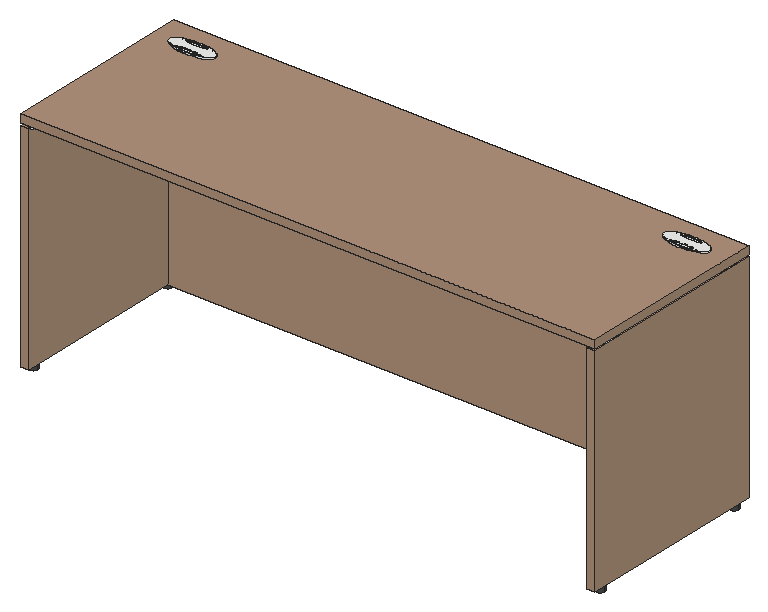
Revit family "Desks-Teknion-B_RF_Rectangular_Desk_Full_Gables-R2018", category Furniture, Revit 2018
Family settings
  OmniClass Number = 23.40.20.00
  OmniClass Title = General Furniture and Specialties
  Work Plane-Based = No
  Always vertical = Yes
  Cut with Voids When Loaded = No
  Shared = Yes
  Room Calculation Point = No
Parameters (values of type "1" Worksurface Thickness")
  Worksurface Thickness = if([1 3/16 WS Thickness], 1.189", if([1 9/16 WS Thickness], 1.555", 1.016"))  # 1.016"
  Worksurface Finish [instance] = Source Laminate - Teknion - 3M - Provincial Oak (Cross Grain)
  Width [instance] = 72.000"
  Warranty = "http://www.teknion.com/ca/papers/legal-canada"
  Wall Access Modesty Panel Style [instance] = no
  Unit Weight URL = "http://www.teknion.com/ca/tools/assets#&asset=bee6a381-b954-425e-8283-5a2de3a804f2,f828d448-4b62-4231-9e5f-9a8991c0ed77"
  URL = "www.teknion.com"
  Two Grommets [instance] = not(Center Grommet)  # yes
  To render please download texture images found here [instance] = "https://assets.teknion.com/web/5e81352c1dfdb467/revit-material-swatches/"
  Sustainability Data = "https://www.teknion.com/ca/tools/assets#&topic=216f99a5-57a0-44fc-b10a-9dee9b29ae4c&asset=444deb64-fe58-4b68-981e-f75e97781df7,b4ff2d81-9f2e-437d-9659-7cffb09c31cf"
  Series = "Expansion Casegoods"  # constant formula
  Product Page URL = "https://www.teknion.com/ca/products/product-details?productLineId=0053336e-8e7a-673b-a6c8-ff00004460c4"
  Product Line = "Expansion Casegoods"  # constant formula
  Product Documentation Link = "https://www.teknion.com/pricing/expansion-casegoods/pdfs/B_RF_ppg.pdf"
  Part Number = "B_RF"  # constant formula
  Modesty Panel Style [instance] = "Please choose one of the following options below."  # constant formula
  Modesty Height Offset [instance] = if(or([Flush, Full Modesty Panel Style], [Flush, Full Modesty Panel Style - No Grommet]), 0.602", if(Wall Access Modesty Panel Style, 20.409", 13.283"))  # 0.602"
  Model = "BDRF_____"
  Manufacturer Phone = "416-661-3370"  # constant formula
  Manufacturer Fax = "416.661.4586"  # constant formula
  Manufacturer Contact Information = "http://www.teknion.com/ca/contactus"
  Manufacturer Address = "1150 Flint Road, Toronto, ON. M3J 2J5. Canada"  # constant formula
  Manufacturer = "Teknion"  # constant formula
  How To Use Teknion Materials User Guide [instance] = "https://assets.teknion.com/m/205dd0a49fa58060/original/How-to-add-a-Material-Library-and-Texture-Images-to-your-Revit-project.pdf"
  Hardware Finish [instance] = Paint - Teknion - Mica - Very White
  Gable and Modesty Panel Finish [instance] = Source Laminate - Teknion - 3M - Provincial Oak
  For Additional Finishes please visit [instance] = "https://assets.teknion.com/m/44a8009b046e5d47/original/Teknion_Materials_Library.zip"
  Flush, Half Modesty Panel Style [instance] = no
  Flush, Full Modesty Panel Style - No Grommet [instance] = no
  Flush, Full Modesty Panel Style [instance] = not(or(Wall Access Modesty Panel Style, [Flush, Full Modesty Panel Style - No Grommet], [Flush, Half Modesty Panel Style]))  # yes
  Description = "Rectangular Desk - Full Gables, Flush, 1\" Worksurface Thickness"
  Depth [instance] = 24.000"
  Center Grommet [instance] = Width < 43.000"  # no
  Available Widths [instance] = if(not(or([1 3/16 WS Thickness], [1 9/16 WS Thickness])), "18, 24, 30, 36, 42, 48, 54, 60, 66, or 72 inches.", "18, 24, 30, 36, 42, 48, 54, 60, 66, 72, 78, or 84 inches.")  # "18, 24, 30, 36, 42, 48, 54, 60, 66, or 72 inches."
  Available Depths [instance] = if(or(Worksurface Thickness = 1.555", Worksurface Thickness = 1.189"), "20, 24, 30, or 36 inches.", "20, 24, or 30 inches.")  # "20, 24, or 30 inches."
  Assembly Code = "E2020200"
  Actual Width [instance] = if(Width = 18.000", 17.909", if(Width = 24.000", 23.882", if(Width = 30.000", 29.850", if(Width = 36.000", 35.819", if(Width = 42.000", 41.791", if(Width = 48.000", 47.760", if(Width = 54.000", 53.728", if(Width = 60.000", 59.701", if(Width = 66.000", 65.669", if(Width = 72.000", 71.642", if(Width = 78.000", 77.610", 83.579")))))))))))  # 71.642"
  Actual Depth [instance] = if(Depth = 20.000", 19.920", if(Depth = 24.000", 23.882", if(Depth = 30.000", 29.850", 35.819")))  # 23.882"
  1 9/16 WS Thickness = no
  1 3/16 WS Thickness = no
Types (4): name | Worksurface Thickness | Model | Description | Available Widths | Available Depths | 1 9/16 WS Thickness | 1 3/16 WS Thickness
  (no name) | 1.016" | "BDRF_____" | "Rectangular Desk - Full Gables, Flush, 1\" Worksurface Thickness" | "18, 24, 30, 36, 42, 48, 54, 60, 66, or 72 inches." | "20, 24, or 30 inches." | no | no
  1" Worksurface Thickness | 1.016" | "BDRF_____" | "Rectangular Desk - Full Gables, Flush, 1\" Worksurface Thickness" | "18, 24, 30, 36, 42, 48, 54, 60, 66, or 72 inches." | "20, 24, or 30 inches." | no | no
  1 3/16" Worksurface Thickness | 1.189" | "BMRF_____" | "Rectangular Desk - Full Gables, Flush, 1 3/16\" Worksurface Thickness" | "18, 24, 30, 36, 42, 48, 54, 60, 66, 72, 78, or 84 inches." | "20, 24, 30, or 36 inches." | no | yes
  1 9/16" Worksurface Thickness | 1.555" | "BXRF_____" | "Rectangular Desk - Full Gables, Flush, 1 9/16\" Worksurface Thickness" | "18, 24, 30, 36, 42, 48, 54, 60, 66, 72, 78, or 84 inches." | "20, 24, 30, or 36 inches." | yes | no
Reference planes (in)
  plane 1 "Center Front/Back": y = -1.65291
  plane 2: z = 0
  plane 3 "Center Left/Right": x = -0.31049
  plane 4 "Left": x = -36.13149
  plane 5 "Right": x = 35.51051
  plane 6 "Back": y = 10.28809
  plane 7 "Front": y = -13.59391
  plane 8 "Top": z = 28.82309
  plane 9: z = 27.80709
Forms (in)
  Sweep 1, solid, material "Source Laminate - Teknion - 3M - Provincial Oak" <- "Gable and Modesty Panel Finish"
    path origin (0, 0, 0) x (1, 0, 0) y (0, 1, 0)
      loop
        line (-35.11575, -1.65291) -> (-36.13149, -1.65291)
    profile origin (-35.62362, -1.65291, 0) x (0, -1, 0) y (0, 0, 1)
      loop
        line (11.941, 0.60236) -> (11.941, 27.53543) -> (-11.941, 27.53543) -> (-11.941, 0.60236) -> (11.941, 0.60236)
  Sweep 2, solid, material "Source Laminate - Teknion - 3M - Provincial Oak" <- "Gable and Modesty Panel Finish"
    path origin (16.8937, 0, 0) x (1, 0, 0) y (0, 1, 0)
      loop
        line (18.61681, -1.65291) -> (17.60106, -1.65291)
    profile origin (35.00263, -1.65291, 0) x (0, -1, 0) y (0, 0, 1)
      loop
        line (11.941, 0.60236) -> (11.941, 27.53568) -> (-11.941, 27.53568) -> (-11.941, 0.60236) -> (11.941, 0.60236)
  Sweep 3, solid, material "Source Laminate - Teknion - 3M - Provincial Oak" <- "Gable and Modesty Panel Finish"
    path origin (0, 0, 0) x (1, 0, 0) y (0, 1, 0)
      loop
        line (-0.31049, 9.18573) -> (-0.31049, 8.16998)
    profile origin (-0.31049, 8.67785, 0) x (1, 0, 0) y (0, 0, 1)
      loop
        line (-34.80525, 27.53568) -> (-34.80525, 0.602) -> (34.80525, 0.602) -> (34.80525, 27.53568) -> (-34.80525, 27.53568)
  Sweep 4, solid, material "Source Laminate - Teknion - 3M - Provincial Oak (Cross Grain)" <- "Worksurface Finish"
    path origin (0, -1.65291, 0) x (1, 0, 0) y (0, 0, 1)
      loop
        line (-0.31049, 27.80709) -> (-0.31049, 28.82309)
    profile origin (-0.31049, -1.65291, 28.31509) x (-1, 0, 0) y (0, -1, 0)
      loop
        line (35.821, -11.941) -> (35.821, 11.941) -> (-35.821, 11.941) -> (-35.821, -11.941) -> (35.821, -11.941)
  Sweep 5, solid, material "Paint - Teknion - Mica - Very White" <- "Hardware Finish"
    path origin (0, -1.65291, 0) x (1, 0, 0) y (0, 0, 1)
      loop
        line (-35.09233, 27.53568) -> (-35.09233, 27.80709)
    profile origin (-35.09233, -1.65291, 27.67138) x (-1, 0, 0) y (0, -1, 0)
      loop
        spline (0.02342, -6.53808) -> (-0.20815, -6.62741) -> (-0.42393, -6.88932) -> (-0.60922, -7.30595) -> (-0.75141, -7.84892) -> (-0.84079, -8.48121) -> (-0.87127, -9.15975) -> (-0.84079, -9.83829) -> (-0.75141, -10.47058) -> (-0.60922, -11.01355) -> (-0.42393, -11.43018) -> (-0.20815, -11.69209) -> (0.02342, -11.78142)
        spline (0.02342, -11.78142) -> (0.25498, -11.69209) -> (0.47076, -11.43018) -> (0.65606, -11.01355) -> (0.79825, -10.47058) -> (0.88763, -9.83829) -> (0.91811, -9.15975) -> (0.88763, -8.48121) -> (0.79825, -7.84892) -> (0.65606, -7.30595) -> (0.47076, -6.88932) -> (0.25498, -6.62741) -> (0.02342, -6.53808)
      loop
        spline (-69.58709, -6.53808) -> (-69.81865, -6.62741) -> (-70.03443, -6.88932) -> (-70.21973, -7.30595) -> (-70.36191, -7.84892) -> (-70.45129, -8.48121) -> (-70.48178, -9.15975) -> (-70.45129, -9.83829) -> (-70.36191, -10.47058) -> (-70.21973, -11.01355) -> (-70.03443, -11.43018) -> (-69.81865, -11.69209) -> (-69.58709, -11.78142)
        spline (-69.58709, -11.78142) -> (-69.35552, -11.69209) -> (-69.13974, -11.43018) -> (-68.95444, -11.01355) -> (-68.81226, -10.47058) -> (-68.72288, -9.83829) -> (-68.69239, -9.15975) -> (-68.72288, -8.48121) -> (-68.81226, -7.84892) -> (-68.95444, -7.30595) -> (-69.13974, -6.88932) -> (-69.35552, -6.62741) -> (-69.58709, -6.53808)
      loop
        spline (0.02342, 6.53808) -> (0.25498, 6.62741) -> (0.47076, 6.88932) -> (0.65606, 7.30595) -> (0.79825, 7.84892) -> (0.88763, 8.48121) -> (0.91811, 9.15975) -> (0.88763, 9.83829) -> (0.79825, 10.47058) -> (0.65606, 11.01355) -> (0.47076, 11.43018) -> (0.25498, 11.69209) -> (0.02342, 11.78142)
        spline (0.02342, 11.78142) -> (-0.20815, 11.69209) -> (-0.42393, 11.43018) -> (-0.60922, 11.01355) -> (-0.75141, 10.47058) -> (-0.84079, 9.83829) -> (-0.87127, 9.15975) -> (-0.84079, 8.48121) -> (-0.75141, 7.84892) -> (-0.60922, 7.30595) -> (-0.42393, 6.88932) -> (-0.20815, 6.62741) -> (0.02342, 6.53808)
      loop
        spline (-69.58709, 6.53808) -> (-69.35552, 6.62741) -> (-69.13974, 6.88932) -> (-68.95444, 7.30595) -> (-68.81226, 7.84892) -> (-68.72288, 8.48121) -> (-68.69239, 9.15975) -> (-68.72288, 9.83829) -> (-68.81226, 10.47058) -> (-68.95444, 11.01355) -> (-69.13974, 11.43018) -> (-69.35552, 11.69209) -> (-69.58709, 11.78142)
        spline (-69.58709, 11.78142) -> (-69.81865, 11.69209) -> (-70.03443, 11.43018) -> (-70.21973, 11.01355) -> (-70.36191, 10.47058) -> (-70.45129, 9.83829) -> (-70.48178, 9.15975) -> (-70.45129, 8.48121) -> (-70.36191, 7.84892) -> (-70.21973, 7.30595) -> (-70.03443, 6.88932) -> (-69.81865, 6.62741) -> (-69.58709, 6.53808)
  Sweep 6, solid, material "Paint - Teknion - Mica - Very White" <- "Hardware Finish", visible <- "Flush, Full Modesty Panel Style"
    path origin (0, 0, 0) x (1, 0, 0) y (0, 1, 0)
      loop
        line (-0.31049, 9.18573) -> (-0.31049, 9.31073)
    profile origin (-0.31049, 9.24823, 0) x (-1, 0, 0) y (0, 0, 1)
      loop
        spline (-2.86635, 24.04726) -> (-2.76868, 23.74026) -> (-2.48233, 23.45418) -> (-2.02682, 23.20852) -> (-1.43318, 23.02001) -> (-0.74187, 22.90151) -> (0, 22.8611) -> (0.74187, 22.90151) -> (1.43318, 23.02001) -> (2.02682, 23.20852) -> (2.48233, 23.45418) -> (2.76868, 23.74026) -> (2.86635, 24.04726)
        spline (2.86635, 24.04726) -> (2.76868, 24.35427) -> (2.48233, 24.64035) -> (2.02682, 24.88601) -> (1.43318, 25.07451) -> (0.74187, 25.19301) -> (0, 25.23343) -> (-0.74187, 25.19301) -> (-1.43318, 25.07451) -> (-2.02682, 24.88601) -> (-2.48233, 24.64035) -> (-2.76868, 24.35427) -> (-2.86635, 24.04726)
  Sweep 7, solid, material "Paint - Teknion - Mica - Very White" <- "Hardware Finish", visible <- "Center Grommet"
    path origin (0, -1.65291, 0) x (1, 0, 0) y (0, 0, 1)
      loop
        line (-0.31049, 28.82309) -> (-0.31049, 28.94809)
    profile origin (-0.31049, -1.65291, 28.88559) x (-1, 0, 0) y (0, -1, 0)
      loop
        spline (-2.86635, -8.63653) -> (-2.76868, -8.93954) -> (-2.48233, -9.2219) -> (-2.02682, -9.46437) -> (-1.43318, -9.65042) -> (-0.74187, -9.76737) -> (0, -9.80726) -> (0.74187, -9.76737) -> (1.43318, -9.65042) -> (2.02682, -9.46437) -> (2.48233, -9.2219) -> (2.76868, -8.93954) -> (2.86635, -8.63653)
        spline (2.86635, -8.63653) -> (2.76868, -8.33352) -> (2.48233, -8.05117) -> (2.02682, -7.8087) -> (1.43318, -7.62265) -> (0.74187, -7.50569) -> (0, -7.4658) -> (-0.74187, -7.50569) -> (-1.43318, -7.62265) -> (-2.02682, -7.8087) -> (-2.48233, -8.05117) -> (-2.76868, -8.33352) -> (-2.86635, -8.63653)
  Sweep 8, void
    path origin (0, -1.65291, 0) x (1, 0, 0) y (0, 0, 1)
      loop
        line (-0.31049, 28.94809) -> (-0.31049, 28.84272)
    profile origin (-0.31049, -1.65291, 28.8954) x (0, -1, 0) y (1, 0, 0)
      loop
        arc (-9.41917, -1.89428) -> (-9.0472, 0) -> (-9.41917, 1.89428) r 5.00939
        arc (-9.41917, 1.89428) -> (-9.69168, 0) -> (-9.41917, -1.89428) r 6.71996
      loop
        arc (-7.83196, -1.89428) -> (-7.55944, 0) -> (-7.83196, 1.89428) r 6.71996
        arc (-7.83196, 1.89428) -> (-8.20393, 0) -> (-7.83196, -1.89428) r 5.00939
  Sweep 9, solid, material "Plastic - Teknion - E - Ebony"
    path origin (0, -1.65291, 0) x (1, 0, 0) y (0, 0, 1)
      loop
        line (-0.31049, 0) -> (-0.31049, 0.60236)
    profile origin (-0.31049, -1.65291, 0.30118) x (-1, 0, 0) y (0, -1, 0)
      loop
        circle (-35.31102, -10.41839) r 0.5
      loop
        circle (-35.31102, 10.41839) r 0.5
      loop
        circle (35.31102, -10.41839) r 0.5
      loop
        circle (35.31102, 10.41839) r 0.5
  Sweep 10, void
    path origin (0, 0, 0) x (1, 0, 0) y (0, 1, 0)
      loop
        line (-0.31049, 9.31073) -> (-0.31049, 9.2132)
    profile origin (-0.31049, 9.26196, 0) x (1, 0, 0) y (0, 0, 1)
      loop
        arc (-1.89428, 24.8485) -> (0, 24.47595) -> (1.89428, 24.8485) r 5.00226
        arc (1.89428, 24.8485) -> (0, 25.12134) -> (-1.89428, 24.8485) r 6.7122
      loop
        arc (-1.89428, 23.26224) -> (0, 22.98099) -> (1.89428, 23.26224) r 6.51974
        arc (1.89428, 23.26224) -> (0, 23.63325) -> (-1.89428, 23.26224) r 5.02135
  Sweep 11, solid, material "Paint - Teknion - Mica - Very White" <- "Hardware Finish", visible <- "Two Grommets"
    path origin (-18.88, -1.65291, 0) x (1, 0, 0) y (0, 0, 1)
      loop
        line (-12.25149, 28.82309) -> (-12.25149, 28.94809)
    profile origin (-31.13149, -1.65291, 28.88559) x (-1, 0, 0) y (0, -1, 0)
      loop
        spline (-2.86635, -8.63653) -> (-2.76868, -8.93954) -> (-2.48233, -9.2219) -> (-2.02682, -9.46437) -> (-1.43318, -9.65042) -> (-0.74187, -9.76737) -> (0, -9.80726) -> (0.74187, -9.76737) -> (1.43318, -9.65042) -> (2.02682, -9.46437) -> (2.48233, -9.2219) -> (2.76868, -8.93954) -> (2.86635, -8.63653)
        spline (2.86635, -8.63653) -> (2.76868, -8.33352) -> (2.48233, -8.05117) -> (2.02682, -7.8087) -> (1.43318, -7.62265) -> (0.74187, -7.50569) -> (0, -7.4658) -> (-0.74187, -7.50569) -> (-1.43318, -7.62265) -> (-2.02682, -7.8087) -> (-2.48233, -8.05117) -> (-2.76868, -8.33352) -> (-2.86635, -8.63653)
  Sweep 12, solid, material "Paint - Teknion - Mica - Very White" <- "Hardware Finish", visible <- "Two Grommets"
    path origin (18.87984, -1.65291, 0) x (1, 0, 0) y (0, 0, 1)
      loop
        line (11.63051, 28.82309) -> (11.63051, 28.94809)
    profile origin (30.51035, -1.65291, 28.88559) x (-1, 0, 0) y (0, -1, 0)
      loop
        spline (-2.86635, -8.63653) -> (-2.76868, -8.93954) -> (-2.48233, -9.2219) -> (-2.02682, -9.46437) -> (-1.43318, -9.65042) -> (-0.74187, -9.76737) -> (0, -9.80726) -> (0.74187, -9.76737) -> (1.43318, -9.65042) -> (2.02682, -9.46437) -> (2.48233, -9.2219) -> (2.76868, -8.93954) -> (2.86635, -8.63653)
        spline (2.86635, -8.63653) -> (2.76868, -8.33352) -> (2.48233, -8.05117) -> (2.02682, -7.8087) -> (1.43318, -7.62265) -> (0.74187, -7.50569) -> (0, -7.4658) -> (-0.74187, -7.50569) -> (-1.43318, -7.62265) -> (-2.02682, -7.8087) -> (-2.48233, -8.05117) -> (-2.76868, -8.33352) -> (-2.86635, -8.63653)
  Sweep 13, void
    path origin (0, -1.65291, 0) x (1, 0, 0) y (0, 0, 1)
      loop
        line (-31.13149, 28.94809) -> (-31.13149, 28.84272)
    profile origin (-31.13149, -1.65291, 28.8954) x (0, -1, 0) y (1, 0, 0)
      loop
        arc (-9.41917, -1.89428) -> (-9.04182, 0) -> (-9.41917, 1.89428) r 4.9433
        arc (-9.41917, 1.89428) -> (-9.69168, 0) -> (-9.41917, -1.89428) r 6.71996
      loop
        arc (-7.83291, -1.89428) -> (-7.56007, 0) -> (-7.83291, 1.89428) r 6.71219
        arc (-7.83291, 1.89428) -> (-8.20935, 0) -> (-7.83291, -1.89428) r 4.95433
  Sweep 14, void
    path origin (0, -1.65291, 0) x (1, 0, 0) y (0, 0, 1)
      loop
        line (30.51035, 28.94809) -> (30.51035, 28.84272)
    profile origin (30.51035, -1.65291, 28.8954) x (0, -1, 0) y (1, 0, 0)
      loop
        arc (-9.41917, -1.89428) -> (-9.04815, 0) -> (-9.41917, 1.89428) r 5.02134
        arc (-9.41917, 1.89428) -> (-9.69397, 0) -> (-9.41917, -1.89428) r 6.66629
      loop
        arc (-7.83291, -1.89428) -> (-7.55751, 0) -> (-7.83291, 1.89428) r 6.65231
        arc (-7.83291, 1.89428) -> (-8.20393, 0) -> (-7.83291, -1.89428) r 5.02134
  Sweep 15, solid, material "Paint - Teknion - Mica - Very White" <- "Hardware Finish", visible <- "Wall Access Modesty Panel Style"
    path origin (0, -1.65291, 0) x (1, 0, 0) y (0, 0, 1)
      loop
        line (-35.11575, 13.50787) -> (-35.11575, 27.53543)
    profile origin (-35.11575, -1.65291, 20.52165) x (-1, 0, 0) y (0, -1, 0)
      loop
        line (-0.05906, -8.70084) -> (-0.05906, -9.76383) -> (-1.29921, -9.76383) -> (-1.29921, -9.82289) -> (0, -9.82289) -> (0, -8.70084) -> (-0.05906, -8.70084)
      loop
        line (-69.55118, -8.52368) -> (-69.61024, -8.52368) -> (-69.61024, -9.82289) -> (-68.48819, -9.82289) -> (-68.48819, -9.76383) -> (-69.55118, -9.76383) -> (-69.55118, -8.52368)
  Sweep 16, void
    path origin (0, 0, 0) x (1, 0, 0) y (0, 1, 0)
      loop
        line (-0.31049, 9.18573) -> (-0.31049, 4.18573)
    profile origin (-0.31049, 6.68573, 0) x (1, 0, 0) y (0, 0, 1)
      loop
        line (-33.50604, 14.80709) -> (-34.80525, 13.50787) -> (-33.50604, 13.50787) -> (-33.50604, 14.80709)
      loop
        line (33.68293, 14.63017) -> (33.68293, 13.50813) -> (34.80498, 13.50813) -> (33.68293, 14.63017)
Cuts and joins
  Sweep 8 cuts Sweep 7
  Sweep 13 cuts Sweep 11
  Sweep 14 cuts Sweep 12
  Sweep 10 cuts Sweep 6
  Sweep 16 cuts Sweep 15
Lines and regions (in)
  Masking region 1
    outline origin (0, 0, 0) x (1, 0, 0) y (0, 1, 0)
      loop
        line (-36.13149, 10.28809) -> (-36.13149, -13.59391) -> (35.51051, -13.59391) -> (35.51051, 10.28809) -> (-36.13149, 10.28809)
  symbolic lines, style "FurnitureHiddenLines", detail levels medium+fine
    curve 1: line (-35.11575, 10.28809, 0) -> (-35.11575, -13.59391, 0)
    curve 2: line (-35.11575, 8.16998, 0) -> (34.49476, 8.16998, 0)
    curve 3: line (-35.11575, 9.18573, 0) -> (34.49476, 9.18573, 0)
    curve 4: line (34.49476, 10.28809, 0) -> (34.49476, -13.59391, 0)
    curve 5: spline (-35.11575, 4.88517, 0) -> (-35.34731, 4.9745, 0) -> (-35.56309, 5.23641, 0) -> (-35.74839, 5.65304, 0) -> (-35.89057, 6.196, 0) -> (-35.97995, 6.8283, 0) -> (-36.01044, 7.50684, 0) -> (-35.97995, 8.18538, 0) -> (-35.89057, 8.81767, 0) -> (-35.74839, 9.36064, 0) -> (-35.56309, 9.77727, 0) -> (-35.34731, 10.03918, 0) -> (-35.11575, 10.12851, 0)
    curve 6: spline (-35.11575, 10.12851, 0) -> (-34.88418, 10.03918, 0) -> (-34.6684, 9.77727, 0) -> (-34.4831, 9.36064, 0) -> (-34.34092, 8.81767, 0) -> (-34.25154, 8.18538, 0) -> (-34.22105, 7.50684, 0) -> (-34.25154, 6.8283, 0) -> (-34.34092, 6.196, 0) -> (-34.4831, 5.65304, 0) -> (-34.6684, 5.23641, 0) -> (-34.88418, 4.9745, 0) -> (-35.11575, 4.88517, 0)
    curve 7: spline (34.49476, 10.12851, 0) -> (34.72632, 10.03918, 0) -> (34.9421, 9.77727, 0) -> (35.1274, 9.36064, 0) -> (35.26958, 8.81767, 0) -> (35.35896, 8.18538, 0) -> (35.38945, 7.50684, 0) -> (35.35896, 6.8283, 0) -> (35.26958, 6.196, 0) -> (35.1274, 5.65304, 0) -> (34.9421, 5.23641, 0) -> (34.72632, 4.9745, 0) -> (34.49476, 4.88517, 0)
    curve 8: spline (34.49476, 4.88517, 0) -> (34.26319, 4.9745, 0) -> (34.04741, 5.23641, 0) -> (33.86211, 5.65304, 0) -> (33.71993, 6.196, 0) -> (33.63055, 6.8283, 0) -> (33.60006, 7.50684, 0) -> (33.63055, 8.18538, 0) -> (33.71993, 8.81767, 0) -> (33.86211, 9.36064, 0) -> (34.04741, 9.77727, 0) -> (34.26319, 10.03918, 0) -> (34.49476, 10.12851, 0)
    curve 9: spline (34.49476, -13.43433, 0) -> (34.26319, -13.345, 0) -> (34.04741, -13.08309, 0) -> (33.86211, -12.66646, 0) -> (33.71993, -12.1235, 0) -> (33.63055, -11.4912, 0) -> (33.60006, -10.81266, 0) -> (33.63055, -10.13412, 0) -> (33.71993, -9.50183, 0) -> (33.86211, -8.95886, 0) -> (34.04741, -8.54223, 0) -> (34.26319, -8.28032, 0) -> (34.49476, -8.19099, 0)
    curve 10: spline (34.49476, -8.19099, 0) -> (34.72632, -8.28032, 0) -> (34.9421, -8.54223, 0) -> (35.1274, -8.95886, 0) -> (35.26958, -9.50183, 0) -> (35.35896, -10.13412, 0) -> (35.38945, -10.81266, 0) -> (35.35896, -11.4912, 0) -> (35.26958, -12.1235, 0) -> (35.1274, -12.66646, 0) -> (34.9421, -13.08309, 0) -> (34.72632, -13.345, 0) -> (34.49476, -13.43433, 0)
    curve 11: spline (-35.11575, -8.19099, 0) -> (-34.88418, -8.28032, 0) -> (-34.6684, -8.54223, 0) -> (-34.4831, -8.95886, 0) -> (-34.34092, -9.50183, 0) -> (-34.25154, -10.13412, 0) -> (-34.22105, -10.81266, 0) -> (-34.25154, -11.4912, 0) -> (-34.34092, -12.1235, 0) -> (-34.4831, -12.66646, 0) -> (-34.6684, -13.08309, 0) -> (-34.88418, -13.345, 0) -> (-35.11575, -13.43433, 0)
    curve 12: spline (-35.11575, -13.43433, 0) -> (-35.34731, -13.345, 0) -> (-35.56309, -13.08309, 0) -> (-35.74839, -12.66646, 0) -> (-35.89057, -12.1235, 0) -> (-35.97995, -11.4912, 0) -> (-36.01044, -10.81266, 0) -> (-35.97995, -10.13412, 0) -> (-35.89057, -9.50183, 0) -> (-35.74839, -8.95886, 0) -> (-35.56309, -8.54223, 0) -> (-35.34731, -8.28032, 0) -> (-35.11575, -8.19099, 0)
  symbolic lines, style "FurnitureHiddenLines", detail levels fine
    curve 13: arc (-36.12151, 8.76548, 0) -> (-35.62151, 9.26548, 0) -> (-35.12151, 8.76548, 0) r 0.5
    curve 14: arc (-35.12151, 8.76548, 0) -> (-35.62151, 8.26548, 0) -> (-36.12151, 8.76548, 0) r 0.5
    curve 15: arc (-36.12151, -12.0713, 0) -> (-35.62151, -11.5713, 0) -> (-35.12151, -12.0713, 0) r 0.5
    curve 16: arc (-35.12151, -12.0713, 0) -> (-35.62151, -12.5713, 0) -> (-36.12151, -12.0713, 0) r 0.5
    curve 17: arc (34.50052, 8.76548, 0) -> (35.00052, 9.26548, 0) -> (35.50052, 8.76548, 0) r 0.5
    curve 18: arc (35.50052, 8.76548, 0) -> (35.00052, 8.26548, 0) -> (34.50052, 8.76548, 0) r 0.5
    curve 19: arc (34.50052, -12.0713, 0) -> (35.00052, -11.5713, 0) -> (35.50052, -12.0713, 0) r 0.5
    curve 20: arc (35.50052, -12.0713, 0) -> (35.00052, -12.5713, 0) -> (34.50052, -12.0713, 0) r 0.5
  symbolic lines, style "Furniture", visible <- "Center Grommet"
    curve 21: arc (1.58379, 7.76625, 0) -> (-0.31049, 8.03877, 0) -> (-2.20478, 7.76625, 0) r 6.71996
    curve 22: arc (-2.20478, 7.76625, 0) -> (-0.31049, 7.39429, 0) -> (1.58379, 7.76625, 0) r 5.00939
    curve 23: arc (1.58379, 6.17905, 0) -> (-0.31049, 6.55101, 0) -> (-2.20478, 6.17905, 0) r 5.00939
    curve 24: arc (-2.20478, 6.17905, 0) -> (-0.31049, 5.90653, 0) -> (1.58379, 6.17905, 0) r 6.71996
    curve 25: spline (-3.17685, 6.98362, 0) -> (-3.07918, 7.28633, 0) -> (-2.79283, 7.5684, 0) -> (-2.33731, 7.81063, 0) -> (-1.74367, 7.99649, 0) -> (-1.05236, 8.11333, 0) -> (-0.31049, 8.15318, 0) -> (0.43137, 8.11333, 0) -> (1.12268, 7.99649, 0) -> (1.71632, 7.81063, 0) -> (2.17184, 7.5684, 0) -> (2.45819, 7.28633, 0) -> (2.55586, 6.98362, 0) -> (2.45819, 6.68092, 0) -> (2.17184, 6.39884, 0) -> (1.71632, 6.15662, 0) -> (1.12268, 5.97075, 0) -> (0.43137, 5.85391, 0) -> (-0.31049, 5.81406, 0) -> (-1.05236, 5.85391, 0) -> (-1.74367, 5.97075, 0) -> (-2.33731, 6.15662, 0) -> (-2.79283, 6.39884, 0) -> (-3.07918, 6.68092, 0) -> (-3.17685, 6.98362, 0)
  symbolic lines, style "FurnitureHiddenLines", visible <- "Flush, Full Modesty Panel Style", detail levels fine
    curve 26: line (2.55586, 9.31073, 0) -> (-3.17685, 9.31073, 0)
  symbolic lines, style "FurnitureHiddenLines", visible <- "Flush, Full Modesty Panel Style", detail levels medium+fine
    curve 27: line (-3.17685, 9.31073, 0) -> (-3.17685, 9.18573, 0)
    curve 28: line (2.55586, 9.31073, 0) -> (2.55586, 9.18573, 0)
  symbolic lines, style "Furniture", visible <- "Two Grommets"
    curve 29: spline (-33.99785, 6.98362, 0) -> (-33.90018, 7.28633, 0) -> (-33.61383, 7.5684, 0) -> (-33.15831, 7.81063, 0) -> (-32.56467, 7.99649, 0) -> (-31.87336, 8.11333, 0) -> (-31.13149, 8.15318, 0) -> (-30.38963, 8.11333, 0) -> (-29.69832, 7.99649, 0) -> (-29.10468, 7.81063, 0) -> (-28.64916, 7.5684, 0) -> (-28.36281, 7.28633, 0) -> (-28.26514, 6.98362, 0) -> (-28.36281, 6.68092, 0) -> (-28.64916, 6.39884, 0) -> (-29.10468, 6.15662, 0) -> (-29.69832, 5.97075, 0) -> (-30.38963, 5.85391, 0) -> (-31.13149, 5.81406, 0) -> (-31.87336, 5.85391, 0) -> (-32.56467, 5.97075, 0) -> (-33.15831, 6.15662, 0) -> (-33.61383, 6.39884, 0) -> (-33.90018, 6.68092, 0) -> (-33.99785, 6.98362, 0)
    curve 30: arc (-29.23721, 7.76625, 0) -> (-31.13149, 8.03877, 0) -> (-33.02578, 7.76625, 0) r 6.71996
    curve 31: arc (-33.02578, 7.76625, 0) -> (-31.13149, 7.3889, 0) -> (-29.23721, 7.76625, 0) r 4.9433
    curve 32: arc (-29.23721, 6.18, 0) -> (-31.13149, 6.55644, 0) -> (-33.02578, 6.18, 0) r 4.95433
    curve 33: arc (-33.02578, 6.18, 0) -> (-31.13149, 5.90716, 0) -> (-29.23721, 6.18, 0) r 6.71219
  symbolic lines, visible <- "Two Grommets"
    curve 34: arc (32.40463, 7.76625, 0) -> (30.51035, 8.04106, 0) -> (28.61606, 7.76625, 0) r 6.66629
    curve 35: arc (28.61606, 7.76625, 0) -> (30.51035, 7.39524, 0) -> (32.40463, 7.76625, 0) r 5.02134
    curve 36: arc (32.40463, 6.18, 0) -> (30.51035, 6.55101, 0) -> (28.61606, 6.18, 0) r 5.02134
    curve 37: arc (28.61606, 6.18, 0) -> (30.51035, 5.9046, 0) -> (32.40463, 6.18, 0) r 6.65231
    curve 38: spline (33.3767, 6.98362, 0) -> (33.27903, 7.28663, 0) -> (32.99268, 7.56899, 0) -> (32.53717, 7.81145, 0) -> (31.94352, 7.9975, 0) -> (31.25221, 8.11446, 0) -> (30.51035, 8.15435, 0) -> (29.76848, 8.11446, 0) -> (29.07717, 7.9975, 0) -> (28.48353, 7.81145, 0) -> (28.02801, 7.56899, 0) -> (27.74166, 7.28663, 0) -> (27.64399, 6.98362, 0)
    curve 39: spline (27.64399, 6.98362, 0) -> (27.74166, 6.68061, 0) -> (28.02801, 6.39825, 0) -> (28.48353, 6.15579, 0) -> (29.07717, 5.96974, 0) -> (29.76848, 5.85278, 0) -> (30.51035, 5.81289, 0) -> (31.25221, 5.85278, 0) -> (31.94352, 5.96974, 0) -> (32.53717, 6.15579, 0) -> (32.99268, 6.39825, 0) -> (33.27903, 6.68061, 0) -> (33.3767, 6.98362, 0)
Dimensions and locks (in)
  "Actual Width": plane 4 "Left" to plane 5 "Right"
  "Actual Depth": plane 6 "Back" to plane 7 "Front"
  "Worksurface Thickness": plane 8 "Top" to plane 9
  equal spacing: plane 4 "Left", plane 3 "Center Left/Right", plane 5 "Right"
  equal spacing: plane 7 "Front", plane 1 "Center Front/Back", plane 6 "Back"
  locked: plane 4 "Left" to Sweep 1 sketch curve at 1.01575
  locked: plane 9 to Sweep 1 sketch curve at 0.27165
  locked: Sweep 1 sketch curve to level at 0.60236
  locked: Sweep 2 sketch curve to plane 5 "Right" at 1.01575
  plane 6 "Back" to Sweep 3 sketch curve to Sweep 3 sketch curve = 1.10236" locked, 1.01575" locked
  locked: plane 9 to Sweep 3 sketch curve at 0.2714
  "Modesty Height Offset": Sweep 3 sketch curve to level
  locked: Sweep 3 sketch curve to plane 4 "Left" at 1.01575
  locked: Sweep 3 sketch curve to plane 5 "Right" at 1.01575
  locked: plane 6 "Back" to Sweep 5 sketch curve at 2.78125  (x2)
  locked: plane 4 "Left" to Sweep 5 sketch curve at 1.01575  (x2)
  locked: Sweep 5 sketch curve to plane 5 "Right" at 1.01575  (x2)
  plane 7 "Front" to Sweep 5 sketch curve to Sweep 5 sketch curve = 2.78125" locked, 0.000" locked
  plane 6 "Back" to Sweep 6 sketch curve to Sweep 6 sketch curve = 0.97736" locked, 0.125" locked
  locked: Sweep 7 sketch curve to plane 8 "Top" at 0.125
  Sweep 8 sketch curve to Sweep 8 sketch curve to plane 6 "Back" to Sweep 8 sketch curve to Sweep 8 sketch curve = 0.22281" locked, 2.11559" locked, 8.74647" locked, 0.22281" locked
  plane 3 "Center Left/Right" to Sweep 8 sketch curve to Sweep 8 sketch curve to Sweep 8 sketch curve to Sweep 8 sketch curve = 0.000" locked, 0.000" locked, 0.000" locked, 0.000" locked
  locked: plane 3 "Center Left/Right" to Sweep 7 sketch curve at 0
  locked: plane 6 "Back" to Sweep 7 sketch curve at 3.30447
  locked: Sweep 9 sketch curve to level at 0.60236
  locked: plane 4 "Left" to Sweep 9 sketch curve at 0.50998  (x2)
  locked: plane 6 "Back" to Sweep 9 sketch curve at 1.52261  (x2)
  locked: plane 7 "Front" to Sweep 9 sketch curve at 1.52261  (x2)
  locked: Sweep 9 sketch curve to plane 5 "Right" at 0.50998  (x2)
  plane 3 "Center Left/Right" to Sweep 10 sketch curve to Sweep 10 sketch curve to Sweep 10 sketch curve to Sweep 10 sketch curve = 0.000" locked, 0.000" locked, 0.000" locked, 0.000" locked
  Sweep 10 sketch curve to Sweep 10 sketch curve to plane 9 to Sweep 10 sketch curve to Sweep 10 sketch curve = 0.02252" locked, 1.67112" locked, 9.19518" locked, 0.20277" locked
  locked: plane 9 to Sweep 2 sketch curve at 0.2714
  locked: Sweep 2 sketch curve to level at 0.60236
  plane 6 "Back" to curve 6 to curve 5 = 2.78125" locked, 0.000" locked
  plane 4 "Left" to curve 5 to curve 6 = 1.01575" locked, 0.000" locked
  plane 7 "Front" to curve 11 to curve 12 = 2.78125" locked, 0.000" locked
  plane 4 "Left" to curve 11 to curve 12 = 1.01575" locked, 0.000" locked
  curve 10 to curve 9 to plane 5 "Right" = 0.000" locked, 1.01575" locked
  plane 7 "Front" to curve 9 to curve 10 = 2.78125" locked, 0.000" locked
  curve 7 to curve 8 to plane 5 "Right" = 0.000" locked, 1.01575" locked
  plane 6 "Back" to curve 7 to curve 8 = 2.78125" locked, 0.000" locked
  locked: plane 3 "Center Left/Right" to curve 25 at 0
  locked: plane 6 "Back" to curve 25 at 3.30447
  curve 27 to plane 3 "Center Left/Right" to curve 28 = 2.86635" locked, 2.86635" locked
  locked: plane 9 to level at 27.80709
  locked: Sweep 11 sketch curve to plane 8 "Top" at 0.125
  Sweep 8 sketch curve to Sweep 8 sketch curve to plane 8 "Top" = 0.10537" locked, 0.01963" locked
  locked: plane 4 "Left" to Sweep 11 sketch curve at 5
  locked: plane 6 "Back" to Sweep 11 sketch curve at 3.30447
  locked: plane 4 "Left" to curve 29 at 5
  locked: plane 6 "Back" to curve 29 at 3.30447
  Sweep 13 sketch curve to Sweep 13 sketch curve to plane 8 "Top" = 0.10537" locked, 0.01963" locked
  plane 4 "Left" to Sweep 13 sketch curve to Sweep 13 sketch curve to Sweep 13 sketch curve to Sweep 13 sketch curve = 5.000" locked, 0.000" locked, 0.000" locked, 0.000" locked
  Sweep 13 sketch curve to Sweep 13 sketch curve to plane 6 "Back" to Sweep 13 sketch curve to Sweep 13 sketch curve = 0.28714" locked, 2.04412" locked, 8.68598" locked, 0.2833" locked
  Sweep 14 sketch curve to Sweep 14 sketch curve to plane 8 "Top" = 0.10537" locked, 0.01963" locked
  Sweep 14 sketch curve to Sweep 14 sketch curve to Sweep 14 sketch curve to Sweep 14 sketch curve to plane 5 "Right" = 0.000" locked, 0.000" locked, 0.000" locked, 5.00016" locked
  Sweep 14 sketch curve to Sweep 14 sketch curve to plane 6 "Back" to Sweep 14 sketch curve to Sweep 14 sketch curve = 0.14033" locked, 2.12849" locked, 8.75841" locked, 0.1549" locked
  plane 6 "Back" to Sweep 10 sketch curve to Sweep 10 sketch curve = 0.97736" locked, 0.09752" locked
  locked: Sweep 12 sketch curve to plane 5 "Right" at 5.00016
  locked: plane 6 "Back" to Sweep 12 sketch curve at 3.30447
  plane 9 to Sweep 15 sketch curve to Sweep 15 sketch curve = 0.27165" locked, 14.02756" locked
  plane 6 "Back" to Sweep 15 sketch curve to Sweep 15 sketch curve = 2.11811" locked, 1.12205" locked
  plane 4 "Left" to Sweep 15 sketch curve to Sweep 15 sketch curve to Sweep 15 sketch curve = 1.01575" locked, 0.05906" locked, 1.24016" locked
  plane 6 "Back" to Sweep 15 sketch curve to Sweep 15 sketch curve = 2.11811" locked, 1.29921" locked
  plane 5 "Right" to Sweep 15 sketch curve to Sweep 15 sketch curve to Sweep 15 sketch curve = 1.01601" locked, 0.05906" locked, 1.063" locked
  plane 6 "Back" to Sweep 16 sketch curve to Sweep 16 sketch curve = 1.10236" locked, 5.000" locked
  Sweep 16 sketch curve to Sweep 16 sketch curve to plane 4 "Left" = 1.29921" locked, 1.01575" locked
  plane 9 to Sweep 16 sketch curve to Sweep 16 sketch curve = 13.000" locked, 1.29921" locked
  Sweep 16 sketch curve to Sweep 16 sketch curve to plane 5 "Right" = 1.12205" locked, 1.01602" locked
  plane 9 to Sweep 16 sketch curve to Sweep 16 sketch curve = 13.17691" locked, 1.12205" locked
  locked: curve 38 to plane 5 "Right" at 5.00016
  locked: plane 6 "Back" to curve 38 at 3.30447
  locked: plane 9 to Sweep 5 sketch curve at 0.2714
  aligned and locked: level to plane 2
  aligned and locked: plane 4 "Left" to Sweep 1 sketch curve
  aligned and locked: plane 1 "Center Front/Back" to Sweep 1 sketch curve
  aligned and locked: Sweep 1 sketch curve to plane 6 "Back"
  aligned and locked: plane 7 "Front" to Sweep 1 sketch curve
  aligned and locked: plane 5 "Right" to Sweep 2 sketch curve
  aligned and locked: Sweep 2 sketch curve to plane 1 "Center Front/Back"
  aligned and locked: plane 8 "Top" to Sweep 4 sketch curve
  aligned and locked: plane 3 "Center Left/Right" to Sweep 4 sketch curve
  aligned and locked: Sweep 4 sketch curve to plane 5 "Right"
  aligned and locked: Sweep 4 sketch curve to plane 6 "Back"
  aligned and locked: Sweep 4 sketch curve to plane 4 "Left"
  aligned and locked: Sweep 4 sketch curve to plane 7 "Front"
  aligned and locked: plane 3 "Center Left/Right" to Sweep 6 sketch curve
  aligned and locked: plane 8 "Top" to Sweep 7 sketch curve
  aligned and locked: level to Sweep 9 sketch curve
  aligned and locked: plane 3 "Center Left/Right" to Sweep 9 sketch curve
  aligned and locked: Sweep 2 sketch curve to plane 6 "Back"
  aligned and locked: plane 7 "Front" to Sweep 2 sketch curve
  aligned and locked: curve 1 to Sweep 1
  aligned and locked: curve 2 to Sweep 3
  aligned and locked: curve 3 to Sweep 3
  aligned and locked: curve 4 to Sweep 2
  aligned and locked: curve 13 to Sweep 9
  aligned and locked: curve 14 to Sweep 9
  aligned and locked: curve 15 to Sweep 9
  aligned and locked: curve 16 to Sweep 9
  aligned and locked: curve 17 to Sweep 9
  aligned and locked: curve 18 to Sweep 9
  aligned and locked: curve 19 to Sweep 9
  aligned and locked: curve 20 to Sweep 9
  aligned and locked: curve 21 to cut or joined group of Sweep 7, Sweep 8
  aligned and locked: curve 22 to cut or joined group of Sweep 7, Sweep 8
  aligned and locked: curve 23 to cut or joined group of Sweep 7, Sweep 8
  aligned and locked: curve 24 to cut or joined group of Sweep 7, Sweep 8
  aligned and locked: curve 26 to Sweep 6
  aligned and locked: Masking region 1 sketch curve to plane 4 "Left"
  aligned and locked: Masking region 1 sketch curve to plane 6 "Back"
  aligned and locked: Masking region 1 sketch curve to plane 5 "Right"
  aligned and locked: Masking region 1 sketch curve to plane 7 "Front"
  aligned and locked: plane 8 "Top" to Sweep 11 sketch curve
  aligned and locked: Sweep 8 sketch curve to plane 3 "Center Left/Right"
  aligned and locked: Sweep 10 sketch curve to plane 3 "Center Left/Right"
  aligned and locked: curve 30 to cut or joined group of Sweep 11, Sweep 13
  aligned and locked: curve 31 to cut or joined group of Sweep 11, Sweep 13
  aligned and locked: curve 32 to cut or joined group of Sweep 11, Sweep 13
  aligned and locked: curve 33 to cut or joined group of Sweep 11, Sweep 13
  aligned and locked: curve 34 to cut or joined group of Sweep 12, Sweep 14
  aligned and locked: curve 35 to cut or joined group of Sweep 12, Sweep 14
  aligned and locked: curve 36 to cut or joined group of Sweep 12, Sweep 14
  aligned and locked: curve 37 to cut or joined group of Sweep 12, Sweep 14
  aligned and locked: plane 9 to Sweep 4 sketch curve
  aligned and locked: plane 9 to Sweep 5 sketch curve
Automatic sketch dimensions
  curve 1 to plane 7 "Front" = 0.000"
  plane 7 "Front" to curve 4 = 0.000"
  plane 6 "Back" to curve 4 = 0.000"
  curve 1 to plane 6 "Back" = 0.000"
  curve 25 to curve 21 = 0.97207"
  curve 10 to plane 7 "Front" = 0.15958"
  curve 12 to plane 7 "Front" = 0.15958"
  curve 11 to curve 12 = 0.000"
  curve 9 to curve 10 = 0.000"
  curve 5 to curve 6 = 2.62167"
  curve 8 to curve 7 = 2.62167"
  curve 6 to curve 5 = 0.000"
  curve 7 to curve 8 = 0.000"
  Sweep 3 sketch curve to plane 3 "Center Left/Right" = 0.000"
  plane 4 "Left" to Sweep 5 sketch curve = 1.03917"
  Sweep 5 sketch curve to Sweep 5 sketch curve = 2.62167"  (x4)
  Sweep 6 sketch curve to profile plane = 0.000"
  profile plane to Sweep 6 sketch curve = 2.86635"
  level to Sweep 6 sketch curve = 24.04726"
  Sweep 7 sketch curve to plane 3 "Center Left/Right" = 0.000"
  Sweep 7 sketch curve to Sweep 7 sketch curve = 2.86635"
  Sweep 8 sketch curve to profile plane = 1.89428"
  Sweep 8 sketch curve to Sweep 8 sketch curve = 4.63742"
  Sweep 8 sketch curve to Sweep 8 sketch curve = 1.58721"
  Sweep 8 sketch curve to Sweep 8 sketch curve = 0.000"
  profile plane to Sweep 10 sketch curve = 1.89428"
  Sweep 10 sketch curve to Sweep 10 sketch curve = 0.000"
  Sweep 10 sketch curve to Sweep 10 sketch curve = 4.65034"
  Sweep 10 sketch curve to Sweep 10 sketch curve = 1.58625"
  plane 4 "Left" to Sweep 11 sketch curve = 5.000"
  profile plane to Sweep 11 sketch curve = 2.86635"
  Sweep 12 sketch curve to plane 8 "Top" = 0.000"
  plane 8 "Top" to Sweep 12 sketch curve = 0.125"
  plane 5 "Right" to Sweep 12 sketch curve = 5.00016"
  profile plane to Sweep 12 sketch curve = 2.86635"
  plane 4 "Left" to Sweep 13 sketch curve = 5.000"
  Sweep 13 sketch curve to profile plane = 1.89428"
  Sweep 13 sketch curve to Sweep 13 sketch curve = 4.56595"
  Sweep 13 sketch curve to Sweep 13 sketch curve = 1.58625"
  Sweep 13 sketch curve to Sweep 13 sketch curve = 0.000"
  plane 5 "Right" to Sweep 14 sketch curve = 5.00016"
  Sweep 14 sketch curve to profile plane = 1.89428"
  Sweep 14 sketch curve to Sweep 14 sketch curve = 4.65033"
  Sweep 14 sketch curve to Sweep 14 sketch curve = 1.58625"
  Sweep 14 sketch curve to Sweep 14 sketch curve = 0.000"
  plane 4 "Left" to Sweep 15 sketch curve = 1.01575"
  Sweep 15 sketch curve to Sweep 15 sketch curve = 0.05906"  (x2)
  Sweep 16 sketch curve to plane 3 "Center Left/Right" = 0.000"
  curve 29 to curve 32 = 0.97207"
  curve 38 to curve 34 = 0.97207"
  radius of Sweep 9 sketch curve = 0.500"  (x4)
